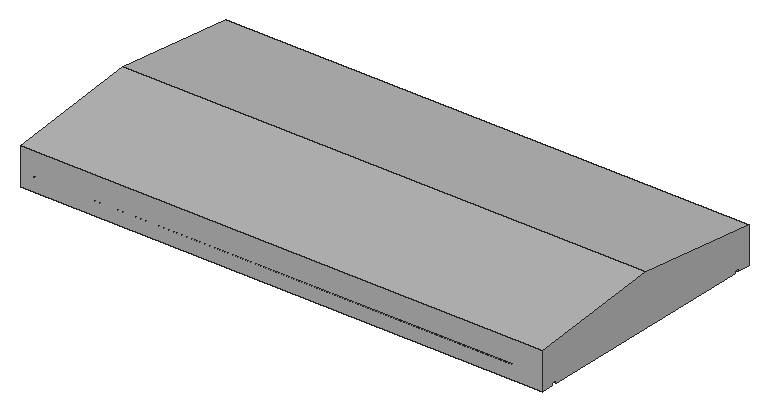
Revit family "WC422 Saddle Back", category Generic Models, Revit 2020
Family settings
  Can host rebar = No
  Round Connector Dimension = Use Diameter
  Part Type = Normal
  Work Plane-Based = No
  Always vertical = Yes
  Cut with Voids When Loaded = No
  Shared = No
  Room Calculation Point = No
Parameters
  Weight = "76Kg"
  Warranty Guarantor Parts = "n/a"
  Warranty Guarantor Labour = "n/a"
  Warranty Duration Unit = "n/a"
  Warranty Duration Parts = "n/a"
  Warranty Duration Labour = "n/a"
  Warranty Description = "n/a"
  Unit Width [instance] = 450 mm
  Unit Length [instance] = 914 mm
  Unit Height [instance] = 89 mm
  URL = "www.killeshal.com"
  Types = "Single"
  Type Comments = "Visit our website for a full list of available products."
  Sustainability Performance = "n/a"
  Structural Class = "n/a"
  Span = "Unit Length"
  Slope = "0.00°"
  Size = "450mm x 89 to 64mm"
  Shape = "As per drawing"
  Service Life = "0.000000"
  Serial Number = "n/a"
  Resistance to Fire = "n/a"
  Replacement Cost = "n/a"
  Reference = "n/a"
  Notified Body = "n/a"
  Nominal Cover to Main Bar = "n/a"
  Model = "W/C 422 Wall Cap."
  Mechanical Resistance = "n/a"
  Manufacturer = "Killeshal Precast Concrete Ltd."
  Load Bearing = no
  Life Cycle Environmental Load = "n/a"
  Length Options = "Stock size 914mm."
  Keynote = "The information contained is the sole property of KPC Ltd., any reproduction in part or whole without permission of KPC Ltd. is prohibited."
  Environmental Product Declaration = "n/a"
  Environmental Class = "n/a"
  Durability against Corrosion = "n/a"
  Dimension Accuracy Class = "n/a"
  Detailing = "As per design specification and product drawings."
  Description = "18\" Saddle Back Wall Cap"
  Default Elevation = 0 mm
  Dangerous Substances = "n/a"
  Contact Tel = "0035357 9353018"
  Contact Email = "sales@killeshal.com"
  Construction Type = "Precast"
  Construction Tolerance Class = "n/a"
  Compressive Strength of Concrete = "n/a"
  Characteristics of Reinforcing Steel = "n/a"
  Characteristics Deflection Under Load = "n/a"
Reference planes
  plane 1 "Center (Front/Back)": y = 0
  plane 2: z = 0
  plane 3 "Center (Left/Right)": x = 0
  plane 4 "Rear": y = 225
  plane 5 "Front": y = -225
  plane 6 "Top": z = 89
  plane 7 "Center L/T": z = 64
Forms (mm)
  Extrusion 1, solid, material "Precast Concrete (KPC)"
    sketch origin (0, 0, 0) x (0, 1, 0) y (0, 0, 1)
      loop
        line (-225, 64) -> (-225, 0) -> (-205, 0)
        arc (-205, 0) -> (-200, 5) -> (-195, 0) r 5
        line (-195, 0) -> (195, 0)
        arc (195, 0) -> (200, 5) -> (205, 0) r 5
        line (205, 0) -> (225, 0) -> (225, 64) -> (0, 89) -> (-225, 64)
    from 0 to 914
Dimensions and locks
  "Unit Length": Extrusion 1 to Extrusion 1
  "Unit Width": Extrusion 1 to Extrusion 1
  "Unit Height": plane 6 "Top" to Extrusion 1
  plane 7 "Center L/T" to Extrusion 1 = 64 mm
  aligned and locked: level to plane 2
Automatic sketch dimensions
  Extrusion 1 sketch curve to plane 5 "Front" = 0 mm
  Extrusion 1 sketch curve to level = 0 mm
  Extrusion 1 sketch curve to plane 1 "Center (Front/Back)" = 0 mm
  Extrusion 1 sketch curve to plane 4 "Rear" = 0 mm
  Extrusion 1 sketch curve to plane 7 "Center L/T" = 0 mm  (x2)
  Extrusion 1 sketch curve to plane 6 "Top" = 0 mm
  plane 5 "Front" to Extrusion 1 sketch curve = 20 mm
  Extrusion 1 sketch curve to Extrusion 1 sketch curve = 5 mm  (x2)
  Extrusion 1 sketch curve to Extrusion 1 sketch curve = 30 mm
